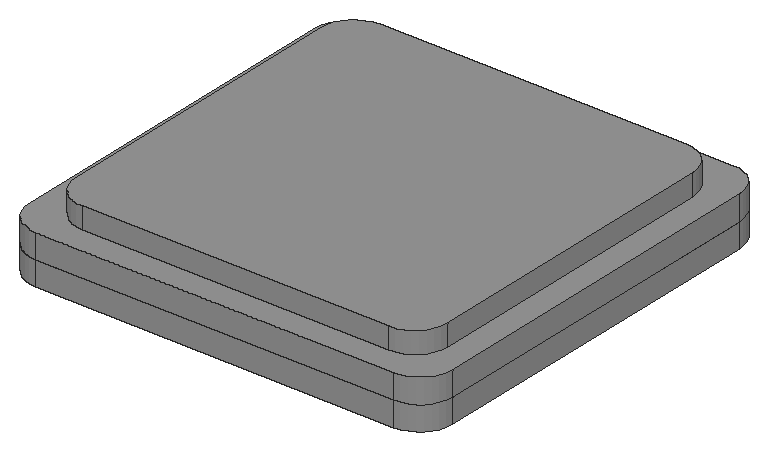
Revit family "FMS2_63_UN_Surface-mounted_ETK", category Lighting Fixtures, Revit 2019 (continued)
Definition of nested family "FMS.2 - Lightsource"
  Types (14, lengths in mm): name | Wattage Comments | Wattage | built-in parameter 1150134 | Photometric Web File | built-in parameter 1150142 | built-in parameter 1150105 | Lumens | built-in parameter 1150107 | built-in parameter 1150106 | Apparent Load
      7\t240.5702\t236.7034\t232.9747\t229.1079\t225.3792\r\n221.5124\t217.7837\t214.055\t210.3263\t206.4595\t202.7308\t199.0021\t195.2734\t190.9923\t186.7112\r\n182.5682\t178.2871\t174.1441\t170.0011\t165.8581\t161.7151\t157.5721\t153.4291\t149.4242\t145.2812\r\n141.2763\t137.2438\t133.2389\t129.2478\t125.2705\t121.307\t117.3574\t113.4353\t109.5685\t105.8675\r\n102.1802\t98.5205\t94.8609\t91.2012\t87.583\t83.9786\t80.4018\t76.8388\t73.3035\t69.7819\r\n66.288\t62.7941\t59.3278\t55.8615\t52.4228\t47.3821\t37.7704\t28.1586\t18.533\t8.9033\r\n0\t0\t0\t0\t0\t0\t0\t0\t0\t0\r\n0\r\n502.9602\t502.5459\t501.9935\t501.7173\t501.4411\t501.1649\t500.8887\t500.4744\t500.0601\t499.6458\r\n499.2315\t498.6791\t498.1267\t497.5743\t496.8838\t496.1933\t495.5028\t494.8123\t493.9837\t493.1551\r\n492.1884\t491.2217\t490.3931\t489.4264\t488.4597\t487.493\t486.3882\t485.1453\t483.9024\t482.6595\r\n481.4166\t480.1737\t478.7927\t477.2736\t475.8926\t474.3735\t472.8544\t471.4734\t469.8162\t468.159\r\n466.5018\t464.8446\t463.1874\t461.5302\t459.7349\t457.9396\t456.0062\t454.2109\t452.2775\t450.206\r\n448.2726\t446.3392\t444.2677\t442.1962\t440.1247\t437.9151\t435.8436\t433.634\t431.5625\t429.2148\r\n427.0052\t424.6575\t422.3098\t420.1002\t417.7525\t415.2667\t412.2285\t409.1903\t406.014\t402.8377\r\n399.6614\t396.4851\t393.3088\t390.2706\t387.0943\t383.7799\t380.6036\t377.2892\t374.1129\t370.7985\r\n367.4841\t364.1697\t360.9934\t357.679\t354.3646\t350.9121\t347.5977\t344.1452\t340.8308\t337.5164\r\n334.0639\t330.6114\t327.1589\t323.8445\t320.392\t317.0776\t313.6251\t310.1726\t306.7201\t303.2676\r\n299.8151\t296.3626\t292.9101\t289.5957\t286.1432\t282.6907\t279.2382\t275.7857\t272.057\t268.1902\r\n264.1853\t260.1804\t256.3136\t252.3087\t248.1657\t244.1608\t240.1559\t236.2891\t232.2842\t228.2793\r\n224.4125\t220.4076\t216.5408\t212.5359\t208.6691\t204.6642\t200.7974\t196.9306\t193.0638\t189.197\r\n185.3302\t181.6015\t177.7347\t174.006\t170.1392\t165.9962\t161.7151\t157.5721\t153.291\t149.148\r\n145.005\t140.862\t136.7742\t132.6727\t128.5849\t124.5248\t120.4922\t116.5012\t112.5239\t108.5742\r\n104.6384\t100.7163\t96.8081\t93.038\t89.4059\t85.8153\t82.2385\t78.7032\t75.1816\t71.6877\r\n68.2214\t64.7689\t61.344\t57.933\t54.5495\t51.1799\t47.824\t44.482\t34.9807\t24.9409\r\n14.8872\t4.8073\t0\t0\t0\t0\t0\t0\t0\t0\r\n0\r\n502.9602\t502.5459\t502.1316\t501.9935\t501.7173\t501.5792\t501.303\t501.0268\t500.6125\t500.3363\r\n499.922\t499.3696\t498.8172\t498.2648\t497.7124\t497.16\t496.4695\t495.779\t494.9504\t494.1218\r\n493.2932\t492.3265\t491.4979\t490.6693\t489.7026\t488.5978\t487.493\t486.2501\t485.0072\t483.7643\r\n482.5214\t481.1404\t479.7594\t478.3784\t476.8593\t475.3402\t473.9592\t472.302\t470.6448\t468.9876\r\n467.3304\t465.6732\t463.8779\t462.2207\t460.2873\t458.492\t456.4205\t454.4871\t452.5537\t450.4822\r\n448.4107\t446.3392\t444.2677\t442.0581\t439.9866\t437.777\t435.5674\t433.2197\t430.872\t428.5243\r\n426.3147\t423.8289\t421.4812\t419.1335\t416.6477\t414.1619\t411.538\t408.9141\t406.4283\t403.8044\r\n401.3186\t398.6947\t395.9327\t393.3088\t390.6849\t387.9229\t385.1609\t381.9846\t378.6702\t375.3558\r\n371.9033\t368.5889\t365.1364\t361.6839\t358.3695\t354.917\t351.4645\t348.012\t344.4214\t340.9689\r\n337.5164\t334.0639\t330.4733\t326.8827\t323.4302\t319.9777\t316.3871\t312.6584\t309.0678\t305.6153\r\n302.0247\t298.4341\t294.8435\t291.2529\t287.6623\t284.0717\t280.4811\t276.8905\t273.2999\t269.5712\r\n265.9806\t262.39\t258.7994\t255.0707\t251.4801\t247.8895\t244.2989\t240.5702\t236.9796\t233.2509\r\n229.1079\t224.9649\t220.96\t216.817\t212.674\t208.531\t204.5261\t200.5212\t196.3782\t192.3733\r\n188.3684\t184.3635\t180.3586\t176.3537\t172.4869\t168.482\t164.6152\t160.6103\t156.7435\t152.8767\r\n149.0099\t145.2812\t141.4144\t137.2576\t133.0179\t128.8197\t124.6491\t120.5475\t116.4735\t112.4134\r\n108.3809\t104.3622\t100.3849\t96.4352\t92.4994\t88.605\t84.7244\t80.899\t77.1979\t73.6902\r\n70.21\t66.7713\t63.3741\t60.0045\t56.6624\t53.3342\t50.0198\t46.733\t43.4739\t40.2147\r\n33.434\t22.676\t11.8849\t1.0588\t0\t0\t0\t0\t0\t0\r\n0\r\n502.9602\t502.684\t502.2697\t502.1316\t502.1316\t501.9935\t501.7173\t501.5792\t501.303\t500.8887\r\n500.6125\t500.0601\t499.6458\t499.2315\t498.6791\t498.1267\t497.4362\t496.7457\t496.0552\t495.2266\r\n494.398\t493.5694\t492.7408\t491.9122\t490.9455\t489.8407\t488.5978\t487.493\t486.3882\t485.2834\r\n483.9024\t482.5214\t481.0023\t479.6213\t478.2403\t476.8593\t475.2021\t473.683\t472.0258\t470.3686\r\n468.7114\t466.9161\t465.1208\t463.3255\t461.3921\t459.4587\t457.5253\t455.4538\t453.5204\t451.4489\r\n449.3774\t447.1678\t445.0963\t442.8867\t440.6771\t438.3294\t435.9817\t433.634\t431.2863\t428.9386\r\n426.4528\t423.967\t421.6193\t418.9954\t416.5096\t413.8857\t411.2618\t408.6379\t405.8759\t403.252\r\n400.49\t397.8661\t395.1041\t392.3421\t389.442\t386.68\t383.7799\t381.0179\t377.9797\t375.0796\r\n372.1795\t369.2794\t366.3793\t363.3411\t360.3029\t357.2647\t354.2265\t351.1883\t348.1501\t345.1119\r\n341.9356\t338.8974\t335.8592\t332.1305\t328.4018\t324.8112\t321.2206\t317.4919\t313.9013\t310.1726\r\n306.4439\t302.7152\t299.1246\t295.3959\t291.6672\t287.8004\t284.0717\t280.343\t276.4762\t272.7475\r\n269.0188\t265.2901\t261.4233\t257.6946\t253.8278\t250.0991\t246.2323\t242.5036\t238.6368\t234.77\r\n231.0413\t227.3126\t223.4458\t219.579\t215.8503\t211.9835\t208.2548\t204.5261\t200.7974\t196.9306\r\n193.2019\t189.4732\t185.4683\t181.3253\t177.0442\t172.9012\t168.7582\t164.6152\t160.6103\t156.4673\r\n152.4624\t148.3194\t144.3145\t140.3096\t136.3047\t132.355\t128.4882\t124.6629\t120.8237\t117.0121\r\n113.2282\t109.4304\t105.2184\t101.0754\t97.0152\t93.0103\t89.0469\t85.111\t81.2166\t77.3636\r\n73.5521\t69.7819\t66.067\t62.4074\t59.0239\t55.6819\t52.3675\t49.0669\t45.8078\t42.5624\r\n39.3447\t36.1546\t32.9921\t21.5298\t9.4198\t0\t0\t0\t0\t0\r\n0\r\n502.9602\t502.684\t502.4078\t502.4078\t502.4078\t502.2697\t502.2697\t501.9935\t501.8554\t501.5792\r\n501.303\t500.8887\t500.4744\t500.0601\t499.6458\t499.0934\t498.541\t497.8505\t497.16\t496.3314\r\n495.6409\t494.8123\t494.1218\t493.2932\t492.3265\t491.2217\t490.1169\t489.0121\t488.0454\t486.8025\r\n485.4215\t484.0405\t482.6595\t481.4166\t480.0356\t478.5165\t476.9974\t475.3402\t473.8211\t472.1639\r\n470.3686\t468.5733\t466.778\t464.9827\t463.0493\t461.1159\t459.1825\t457.2491\t455.1776\t453.1061\r\n450.8965\t448.825\t446.6154\t444.4058\t442.1962\t439.8485\t437.5008\t435.1531\t432.6673\t430.1815\r\n427.6957\t425.348\t422.7241\t420.1002\t417.4763\t414.8524\t412.2285\t409.4665\t406.7045\t403.9425\r\n401.3186\t398.5566\t395.6565\t392.7564\t389.8563\t386.9562\t384.0561\t381.0179\t378.1178\t375.0796\r\n372.0414\t369.1413\t366.1031\t362.9268\t359.7505\t356.7123\t353.536\t350.3597\t347.1834\t344.1452\r\n340.9689\t337.5164\t334.202\t331.0257\t327.8494\t324.535\t321.2206\t317.7681\t314.4537\t311.1393\r\n307.8249\t304.5105\t301.1961\t297.7436\t294.2911\t290.8386\t287.248\t283.9336\t280.6192\t277.1667\r\n273.5761\t270.1236\t266.6711\t263.0805\t259.628\t255.7612\t251.8944\t247.8895\t243.8846\t239.8797\r\n236.0129\t232.008\t228.1412\t224.1363\t220.1314\t215.9884\t211.9835\t208.1167\t204.1118\t200.1069\r\n196.102\t192.0971\t188.0922\t184.2254\t180.3586\t176.4918\t172.4869\t168.482\t164.4771\t160.6103\r\n156.7435\t152.8767\t149.0099\t145.1431\t141.4144\t137.589\t133.7913\t129.7864\t125.6158\t121.4728\r\n117.3712\t113.2696\t109.1957\t105.2046\t101.2411\t97.2776\t93.4108\t89.5855\t85.8015\t82.0866\r\n78.4132\t74.5878\t70.7348\t66.9371\t63.1946\t59.5073\t55.8615\t52.2432\t48.625\t45.0206\r\n41.43\t37.8256\t34.1936\t30.603\t27.0814\t20.2869\t6.702\t0\t0\t0\r\n0\r\n502.9602\t502.8221\t502.5459\t502.684\t502.684\t502.684\t502.684\t502.5459\t502.4078\t502.2697\r\n501.9935\t501.7173\t501.4411\t501.0268\t500.6125\t500.1982\t499.7839\t499.0934\t498.4029\t497.7124\r\n497.0219\t496.3314\t495.779\t494.8123\t493.9837\t492.8789\t491.7741\t490.8074\t489.8407\t488.5978\r\n487.3549\t485.9739\t484.731\t483.35\t482.1071\t480.588\t479.0689\t477.5498\t476.0307\t474.3735\r\n472.5782\t470.921\t469.1257\t467.1923\t465.397\t463.4636\t461.5302\t459.5968\t457.5253\t455.4538\r\n453.3823\t451.3108\t449.1012\t446.8916\t444.5439\t442.3343\t439.9866\t437.5008\t435.015\t432.6673\r\n430.1815\t427.6957\t425.2099\t422.586\t419.9621\t417.2001\t414.4381\t411.8142\t409.0522\t406.2902\r\n403.6663\t400.7662\t397.728\t394.8279\t391.9278\t389.0277\t386.1276\t383.0894\t380.0512\t377.013\r\n374.1129\t370.9366\t367.7603\t364.584\t361.4077\t358.2314\t355.0551\t351.8788\t348.7025\t345.3881\r\n342.0737\t338.7593\t335.4449\t332.1305\t328.8161\t325.3636\t321.9111\t318.5967\t315.2823\t311.9679\r\n308.5154\t304.9248\t301.4723\t297.8817\t294.4292\t290.9767\t287.3861\t283.9336\t280.343\t276.7524\r\n273.1618\t269.5712\t265.8425\t262.2519\t258.6613\t255.0707\t251.342\t247.7514\t244.0227\t240.4321\r\n236.7034\t232.9747\t229.246\t225.3792\t221.7886\t218.0599\t214.3312\t210.6025\t206.7357\t203.007\r\n199.2783\t195.6877\t191.959\t188.2303\t184.3635\t180.4967\t176.768\t172.9012\t169.3106\t165.5819\r\n161.8532\t157.9864\t154.3958\t150.6671\t146.9384\t142.7954\t138.7905\t134.6613\t130.6288\t126.6515\r\n122.688\t118.766\t114.8302\t110.8529\t106.917\t103.1055\t99.3077\t95.5238\t91.7675\t88.0388\r\n84.3515\t80.7609\t77.2808\t73.7454\t69.7957\t65.9013\t62.1864\t58.4992\t54.729\t50.8484\r\n46.9264\t42.1896\t37.3975\t32.5916\t27.8548\t23.9465\t20.3559\t16.8206\t4.1223\t0\r\n0\r\n502.9602\t502.8221\t502.8221\t502.8221\t502.9602\t503.0983\t503.2364\t503.0983\t503.0983\t502.9602\r\n502.8221\t502.5459\t502.2697\t501.9935\t501.7173\t501.303\t500.8887\t500.3363\t499.7839\t499.0934\r\n498.541\t497.9886\t497.4362\t496.6076\t495.779\t494.6742\t493.7075\t492.8789\t491.9122\t490.6693\r\n489.4264\t488.1835\t487.0787\t485.8358\t484.5929\t483.0738\t481.6928\t480.1737\t478.6546\t476.9974\r\n475.3402\t473.683\t472.0258\t470.2305\t468.2971\t466.5018\t464.7065\t462.7731\t460.7016\t458.7682\r\n456.6967\t454.6252\t452.5537\t450.3441\t447.9964\t445.7868\t443.5772\t441.0914\t438.6056\t436.2579\r\n433.9102\t431.4244\t428.9386\t426.3147\t423.6908\t420.9288\t418.3049\t415.5429\t412.919\t410.2951\r\n407.5331\t404.633\t401.5948\t398.8328\t395.9327\t393.0326\t390.1325\t387.0943\t383.918\t381.0179\r\n378.1178\t375.0796\t371.9033\t368.727\t365.5507\t362.3744\t359.1981\t356.0218\t352.8455\t349.393\r\n346.0786\t342.7642\t339.5879\t336.1354\t332.6829\t329.3685\t325.916\t322.6016\t319.4253\t315.9728\r\n312.5203\t308.9297\t305.3391\t301.8866\t298.4341\t294.8435\t291.2529\t287.6623\t284.0717\t280.4811\r\n276.8905\t273.2999\t269.5712\t265.8425\t262.2519\t258.6613\t254.9326\t251.2039\t247.4752\t243.7465\r\n240.0178\t236.2891\t232.5604\t228.6936\t224.9649\t221.0981\t217.3694\t213.5026\t209.7739\t205.9071\r\n202.1784\t198.4497\t194.721\t190.7161\t186.7112\t182.8444\t178.9776\t175.2489\t171.6583\t167.6534\r\n163.7866\t159.9198\t156.053\t152.1862\t148.3194\t144.5907\t140.7239\t137.0642\t133.3494\t129.3997\r\n125.45\t121.6661\t117.8683\t114.2363\t110.6043\t106.9584\t103.2988\t99.6392\t95.9795\t92.5408\r\n89.0883\t85.5115\t81.9347\t78.5513\t75.1816\t71.9225\t68.6633\t65.5008\t62.3383\t59.1482\r\n55.9581\t53.0995\t50.2408\t47.244\t44.2472\t41.2229\t38.2123\t35.5193\t32.8402\t30.4234\r\n14.2519\r\n502.9602\t502.8221\t502.684\t502.684\t502.8221\t502.8221\t502.8221\t502.8221\t502.684\t502.4078\r\n502.2697\t501.9935\t501.7173\t501.303\t501.0268\t500.6125\t500.0601\t499.5077\t498.8172\t498.1267\r\n497.4362\t496.8838\t496.1933\t495.3647\t494.5361\t493.5694\t492.4646\t491.4979\t490.5312\t489.2883\r\n488.0454\t486.8025\t485.5596\t484.1786\t482.9357\t481.4166\t480.0356\t478.5165\t476.9974\t475.2021\r\n473.5449\t471.8877\t470.2305\t468.2971\t466.3637\t464.5684\t462.7731\t460.7016\t458.7682\t456.6967\r\n454.6252\t452.5537\t450.3441\t448.1345\t445.9249\t443.5772\t441.3676\t438.8818\t436.396\t434.0483\r\n431.5625\t429.0767\t426.5909\t423.967\t421.3431\t418.7192\t415.9572\t413.3333\t410.5713\t407.9474\r\n405.1854\t402.2853\t399.3852\t396.4851\t393.585\t390.6849\t387.7848\t384.7466\t381.7084\t378.8083\r\n375.7701\t372.7319\t369.5556\t366.5174\t363.3411\t360.1648\t356.9885\t353.8122\t350.6359\t347.3215\r\n344.0071\t340.6927\t337.3783\t334.0639\t330.6114\t327.297\t323.9826\t320.6682\t317.3538\t314.0394\r\n310.4488\t306.9963\t303.5438\t300.0913\t296.6388\t293.1863\t289.5957\t286.0051\t282.4145\t278.8239\r\n275.3714\t271.7808\t268.1902\t264.4615\t260.8709\t257.1422\t253.5516\t249.961\t246.2323\t242.6417\r\n238.913\t235.3224\t231.5937\t227.865\t224.1363\t220.4076\t216.5408\t212.8121\t209.2215\t205.4928\r\n201.7641\t198.0354\t194.3067\t190.4399\t186.7112\t182.9825\t179.2538\t175.6632\t171.9345\t168.0677\r\n164.2009\t160.3341\t156.7435\t153.1529\t149.5623\t145.4193\t141.2763\t137.1057\t133.0593\t129.1373\r\n125.1738\t121.1551\t117.164\t113.2144\t109.32\t105.536\t101.7935\t97.9267\t94.1013\t90.3726\r\n86.6992\t83.1638\t79.7389\t76.2588\t72.2815\t68.3733\t64.7137\t61.0954\t57.5325\t54.0109\r\n50.5446\t46.6916\t42.8662\t39.0685\t35.2707\t31.473\t27.7167\t24.0156\t6.0239\t0\r\n0\r\n502.9602\t502.8221\t502.5459\t502.5459\t502.5459\t502.5459\t502.5459\t502.4078\t502.2697\t501.9935\r\n501.7173\t501.4411\t501.1649\t500.7506\t500.3363\t499.7839\t499.3696\t498.6791\t498.1267\t497.2981\r\n496.6076\t495.9171\t495.2266\t494.398\t493.5694\t492.4646\t491.3598\t490.3931\t489.4264\t488.1835\r\n486.9406\t485.5596\t484.3167\t482.9357\t481.6928\t480.1737\t478.7927\t477.2736\t475.6164\t473.9592\r\n472.302\t470.5067\t468.8495\t467.0542\t465.1208\t463.3255\t461.3921\t459.4587\t457.3872\t455.4538\r\n453.3823\t451.1727\t449.1012\t446.8916\t444.682\t442.4724\t440.1247\t437.777\t435.4293\t432.9435\r\n430.4577\t428.11\t425.6242\t423.0003\t420.5145\t417.8906\t415.1286\t412.5047\t409.8808\t407.1188\r\n404.4949\t401.7329\t398.8328\t396.0708\t393.1707\t390.2706\t387.3705\t384.4704\t381.4322\t378.5321\r\n375.632\t372.5938\t369.5556\t366.5174\t363.4792\t360.3029\t357.2647\t354.0884\t350.9121\t347.8739\r\n344.6976\t341.3832\t338.0688\t335.0306\t331.7162\t328.4018\t325.0874\t321.773\t318.5967\t315.2823\r\n312.106\t308.6535\t305.201\t301.7485\t298.4341\t295.1197\t291.8053\t288.3528\t284.9003\t281.4478\r\n277.8572\t274.4047\t271.0903\t267.7759\t264.1853\t260.3185\t256.3136\t252.3087\t248.4419\t244.5751\r\n240.5702\t236.5653\t232.6985\t228.6936\t224.8268\t220.8219\t216.817\t212.8121\t208.8072\t204.8023\r\n200.7974\t196.9306\t193.0638\t189.197\t185.1921\t181.1872\t177.3204\t173.3155\t169.4487\t165.4438\r\n161.577\t157.7102\t153.9815\t150.1147\t146.2479\t142.3811\t138.5143\t134.5094\t130.2973\t126.1682\r\n122.0804\t118.0617\t114.0706\t110.1071\t106.1575\t102.2078\t98.2167\t94.2809\t90.4417\t86.713\r\n83.0395\t79.2004\t75.3059\t71.4529\t67.6414\t63.8851\t60.1978\t56.5658\t53.0028\t49.4398\r\n45.8492\t42.2862\t38.7923\t35.3122\t31.8735\t24.278\t8.0485\t0\t0\t0\r\n0\r\n502.9602\t502.684\t502.4078\t502.4078\t502.4078\t502.2697\t502.2697\t501.9935\t501.8554\t501.5792\r\n501.303\t500.8887\t500.6125\t500.0601\t499.6458\t499.2315\t498.6791\t498.1267\t497.2981\t496.6076\r\n495.779\t495.0885\t494.398\t493.5694\t492.6027\t491.636\t490.5312\t489.4264\t488.4597\t487.3549\r\n486.112\t484.731\t483.4881\t482.1071\t480.7261\t479.3451\t477.826\t476.445\t474.7878\t473.2687\r\n471.6115\t469.8162\t468.159\t466.3637\t464.5684\t462.635\t460.8397\t458.9063\t456.9729\t454.9014\r\n452.8299\t450.7584\t448.6869\t446.6154\t444.4058\t442.1962\t439.9866\t437.6389\t435.4293\t432.9435\r\n430.5958\t428.2481\t425.7623\t423.4146\t420.7907\t418.3049\t415.8191\t413.1952\t410.5713\t407.9474\r\n405.3235\t402.6996\t399.9376\t397.1756\t394.4136\t391.6516\t388.8896\t385.9895\t383.0894\t380.1893\r\n377.4273\t374.6653\t371.6271\t368.727\t365.6888\t362.7887\t359.8886\t356.8504\t353.8122\t350.774\r\n347.7358\t344.6976\t341.6594\t337.9307\t334.3401\t330.7495\t327.297\t323.5683\t319.8396\t316.1109\r\n312.5203\t308.9297\t305.3391\t301.7485\t297.8817\t294.0149\t290.4243\t286.6956\t282.9669\t279.3763\r\n275.6476\t271.7808\t268.0521\t264.1853\t260.4566\t256.7279\t253.1373\t249.2705\t245.4037\t241.675\r\n237.9463\t234.2176\t230.3508\t226.6221\t222.8934\t219.0266\t215.2979\t211.5692\t207.8405\t204.1118\r\n200.3831\t196.6544\t192.7876\t188.5065\t184.3635\t180.2205\t176.0775\t171.9345\t167.7915\t163.6485\r\n159.5055\t155.6387\t151.6338\t147.6289\t143.4859\t139.481\t135.5866\t131.6783\t127.8254\t124.0414\r\n120.2713\t116.4873\t112.2339\t108.008\t103.8788\t99.8049\t95.7585\t91.7536\t87.7625\t83.8267\r\n79.9185\t76.0793\t72.2815\t68.5114\t64.8656\t61.3164\t57.781\t54.2733\t50.7932\t47.3407\r\n43.902\t40.4771\t37.0937\t24.1951\t10.5771\t0\t0\t0\t0\t0\r\n0\r\n502.9602\t502.684\t502.4078\t502.2697\t502.1316\t501.9935\t501.8554\t501.7173\t501.4411\t501.1649\r\n500.8887\t500.4744\t500.0601\t499.6458\t499.0934\t498.541\t497.9886\t497.4362\t496.7457\t496.0552\r\n495.2266\t494.398\t493.5694\t492.8789\t491.9122\t490.9455\t489.9788\t488.7359\t487.6311\t486.6644\r\n485.5596\t484.1786\t482.9357\t481.5547\t480.1737\t478.7927\t477.4117\t475.8926\t474.3735\t472.8544\r\n471.3353\t469.6781\t467.8828\t466.2256\t464.4303\t462.7731\t460.8397\t458.9063\t457.111\t455.1776\r\n453.2442\t451.1727\t449.1012\t447.0297\t444.9582\t442.8867\t440.6771\t438.4675\t436.2579\t434.0483\r\n431.7006\t429.491\t427.1433\t424.7956\t422.4479\t419.9621\t417.6144\t415.1286\t412.6428\t410.157\r\n407.5331\t404.9092\t402.4234\t399.9376\t397.3137\t394.5517\t391.9278\t388.8896\t385.5752\t382.2608\r\n378.8083\t375.4939\t372.1795\t368.8651\t365.5507\t362.0982\t358.6457\t355.3313\t351.8788\t348.5644\r\n345.1119\t341.6594\t338.0688\t334.6163\t331.1638\t327.7113\t324.1207\t320.6682\t317.2157\t313.6251\r\n310.1726\t306.582\t302.9914\t299.4008\t295.9483\t292.4958\t289.0433\t285.4527\t281.724\t278.1334\r\n274.5428\t271.0903\t267.4997\t264.0472\t260.4566\t256.7279\t253.1373\t249.5467\t245.9561\t242.3655\r\n238.2225\t234.2176\t230.0746\t225.9316\t221.9267\t217.9218\t213.9169\t209.7739\t205.769\t201.7641\r\n197.6211\t193.6162\t189.7494\t185.7445\t181.8777\t178.0109\t174.006\t170.1392\t166.1343\t162.2675\r\n158.4007\t154.672\t150.9433\t146.8003\t142.5192\t138.2381\t133.9846\t1
